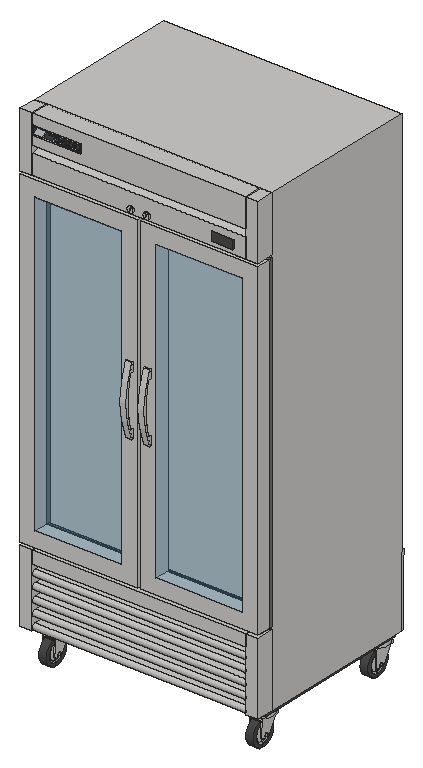
Revit family "QF_TRUE_T-35G-HC~FGD01", category Specialty Equipment, Revit 2015 (continued)
Definition of nested family "CASTER-LEGS"
  Definition of nested family "2.13"
    Forms (in)
      Revolve 1, solid, visible <- "2.5 Inches Caster"
        sketch origin (-1.93794, 0.83816, -1.0041) x (1, 0, 0) y (0, 0, 1)
          loop
            line (0.74055, 1.76972) -> (0.74055, 1.69422) -> (0.79055, 1.64422) -> (0.85055, 1.64422) -> (0.85055, 1.52415) -> (1.235, 1.52415) -> (1.235, 1.4568) -> (1.38673, 1.3692) -> (1.4003, 1.28535) -> (1.34375, 1.28535) -> (1.34375, 1.16035) -> (1.375, 1.16035) -> (1.375, 1.0041) -> (1.87544, 1.0041) -> (1.87544, 1.52415) -> (2.00044, 1.52415) -> (2.00044, 1.0041) -> (2.48438, 1.0041) -> (2.48438, 1.16035) -> (2.51563, 1.16035) -> (2.51563, 1.28535) -> (2.45908, 1.28535) -> (2.47322, 1.37272) -> (2.62438, 1.45999) -> (2.62438, 1.52415) -> (3.04007, 1.52415) -> (3.04007, 1.64422) -> (3.10007, 1.64422) -> (3.15007, 1.69422) -> (3.15007, 1.76972) -> (0.74055, 1.76972)
          axis (0.74055, 1.76972) -> (3.15007, 1.76972)
        angle from 0 to 360
      Extrusion 2, solid, visible <- "2.5 Inches Caster"
        sketch origin (-1.93794, 1.80294, -3.6291) x (0, 1, 0) y (0, 0, 1)
          loop
            line (-0.64294, 5.43229) -> (-0.64294, 5.55298) -> (-2.21294, 5.55298) -> (-2.21294, 5.30272) -> (-1.81966, 5.30272)
            arc (-1.81966, 5.30272) -> (-1.13638, 5.20789) -> (-0.46376, 5.05475) r 8.02767
            arc (-0.46376, 5.05475) -> (-0.19511, 4.95469) -> (0.05138, 4.80832) r 1.60049
            line (0.05138, 4.80832) -> (0.12713, 4.91318)
            arc (0.12713, 4.91318) -> (-0.07255, 5.06376) -> (-0.29048, 5.18644) r 1.8753
            line (-0.29048, 5.18644) -> (-0.22239, 5.30423)
            arc (-0.22239, 5.30423) -> (-0.42776, 5.38437) -> (-0.64294, 5.43229) r 1.44292
        from 1.17357 to 2.70231
      Revolve 3, solid, visible <- "2.5 Inches Caster"
        sketch origin (0, 2.10856, -4.125) x (0, 1, 0) y (0, 0, 1)
          loop
            line (-1.73858, 6.25) -> (-1.73858, 6.04889) -> (-1.05793, 6.04889) -> (-1.05793, 6.25) -> (-1.73858, 6.25)
          axis (-1.73858, 6.04889) -> (-1.73858, 6.25)
        angle from 0 to 360
      Extrusion 4, solid, visible <- "2.5 Inches Caster"
        sketch origin (-1.98481, 1.80294, -2.1291) x (0, 1, 0) y (0, 0, 1)
          loop
            line (-2.21294, 4.05298) -> (-2.21294, 3.80272) -> (-2.13999, 3.80272)
            arc (-2.13999, 3.80272) -> (-1.62379, 3.51899) -> (-1.39241, 2.97729) r 0.90292
            arc (-1.39241, 2.97729) -> (-1.36136, 2.78161) -> (-1.29729, 2.59413) r 1.15385
            arc (-1.29729, 2.59413) -> (-0.94802, 2.37355) -> (-0.6121, 2.61396) r 0.37001
            arc (-0.6121, 2.61396) -> (-0.59625, 2.66241) -> (-0.58446, 2.712) r 0.61695
            arc (-0.58446, 2.712) -> (-0.36134, 3.11665) -> (0.05609, 3.31484) r 0.75313
            line (0.05609, 3.31484) -> (0.12713, 3.41318)
            arc (0.12713, 3.41318) -> (-0.07255, 3.56376) -> (-0.29048, 3.68644) r 1.8753
            line (-0.29048, 3.68644) -> (-0.22239, 3.80423)
            arc (-0.22239, 3.80423) -> (-0.42776, 3.88437) -> (-0.64294, 3.93229) r 1.44292
            line (-0.64294, 3.93229) -> (-0.64294, 4.05298) -> (-2.21294, 4.05298)
        from 2.74918 to 2.90825
      Extrusion 5, solid, visible <- "2.5 Inches Caster"
        sketch origin (1.98481, 1.80294, -2.1291) x (0, 1, 0) y (0, 0, -1)
          loop
            line (-2.21294, -4.05298) -> (-0.64294, -4.05298) -> (-0.64294, -3.93229)
            arc (-0.64294, -3.93229) -> (-0.42776, -3.88437) -> (-0.22239, -3.80423) r 1.44292
            line (-0.22239, -3.80423) -> (-0.29048, -3.68644)
            arc (-0.29048, -3.68644) -> (-0.07255, -3.56376) -> (0.12713, -3.41318) r 1.8753
            line (0.12713, -3.41318) -> (0.05609, -3.31484)
            arc (0.05609, -3.31484) -> (-0.36134, -3.11665) -> (-0.58446, -2.712) r 0.75313
            arc (-0.58446, -2.712) -> (-0.59625, -2.66241) -> (-0.6121, -2.61396) r 0.61695
            arc (-0.6121, -2.61396) -> (-0.94802, -2.37355) -> (-1.29729, -2.59413) r 0.37001
            arc (-1.29729, -2.59413) -> (-1.36136, -2.78161) -> (-1.39241, -2.97729) r 1.15385
            arc (-1.39241, -2.97729) -> (-1.62379, -3.51899) -> (-2.13999, -3.80272) r 0.90292
            line (-2.13999, -3.80272) -> (-2.21294, -3.80272) -> (-2.21294, -4.05298)
        from 2.74918 to 2.90825
    Lines and regions (in)
      symbolic lines, visible <- "2.5 Inches Caster"
        curve 1: line (0.10651, 1.27186, 0) -> (0.80944, 0.86603, 0)
        curve 2: line (-0.89349, -0.46019, 0) -> (0.10651, 1.27186, 0)
        curve 3: line (-0.19056, -0.86603, 0) -> (-0.89349, -0.46019, 0)
        curve 4: line (0.80944, 0.86603, 0) -> (-0.19056, -0.86603, 0)
    Dimensions and locks (in)
      plane 4 "TOP" to level = 2 1/8"  (x2)
      aligned and locked: level to plane 1
  Definition of nested family "C4"
    Parameters
      Weight = ""
      URL Manufacturer = ""
      URL Cutsheet = ""
      URL = ""
      Type Mark [instance] = ""
      Specification by User [instance] = ""
      Specification by Manufacturer = ""
      Show 4 Inches Casters [instance] = yes
      Serial Number = ""
      Seismic Rating = ""
      SMACNA No = ""
      Revision Code [instance] = ""
      Omniclass Number and Title = ""
      NAFEM Spec ID Number = ""
      Model = ""
      MasterSpec. = ""
      Manufacturer = ""
      Item Number [instance] = ""
      Installed By [instance] = ""
      Identify Quantity as Lot [instance] = yes
      Furnished By [instance] = ""
      Foodservice Equipment Identifier [instance] = yes
      Description = ""
      CSI MasterFormat = ""
      CSI Master Format = ""
      Assembly Code = ""
    Reference planes (in)
      plane 1: z = 0
      plane 2 "RIGHT": x = 0
      plane 3 "FRONT": y = 0
      plane 4 "TOP": z = 4
    Forms (in)
      Revolve 1, solid, visible <- "Show 4 Inches Casters"
        sketch origin (-1.93794, 0.83816, -1.0041) x (1, 0, 0) y (0, 0, 1)
          loop
            line (0.74055, 2.5041) -> (3.15007, 2.5041) -> (3.15007, 2.5796) -> (3.10007, 2.6296) -> (3.04007, 2.6296) -> (3.04007, 2.74967) -> (2.62438, 2.74967) -> (2.62438, 2.93884) -> (2.48438, 3.01967) -> (2.45908, 3.17597) -> (2.51563, 3.17597) -> (2.51563, 3.41035) -> (2.48438, 3.41035) -> (2.48438, 4.0041) -> (1.375, 4.0041) -> (1.375, 3.41035) -> (1.34375, 3.41035) -> (1.34375, 3.17597) -> (1.4003, 3.17597) -> (1.37557, 3.02318) -> (1.235, 2.94202) -> (1.235, 2.74967) -> (0.85055, 2.74967) -> (0.85055, 2.6296) -> (0.79055, 2.6296) -> (0.74055, 2.5796) -> (0.74055, 2.5041)
          axis (0.74055, 2.5041) -> (3.15007, 2.5041)
        angle from 0 to 360
      Extrusion 2, solid, visible <- "Show 4 Inches Casters"
        sketch origin (-1.93794, 1.80294, -1.7541) x (0, 1, 0) y (0, 0, 1)
          loop
            line (-3.08794, 5.33423) -> (-3.08794, 5.00584) -> (-2.69466, 5.00584)
            arc (-2.69466, 5.00584) -> (-1.57175, 4.94895) -> (-0.46376, 4.75787) r 9.36411
            arc (-0.46376, 4.75787) -> (-0.05889, 4.58436) -> (0.28335, 4.30705) r 1.60049
            line (0.28335, 4.30705) -> (0.34449, 4.39437)
            arc (0.34449, 4.39437) -> (0.12713, 4.6163) -> (-0.1239, 4.79931) r 1.8753
            line (-0.1239, 4.79931) -> (-0.05749, 4.91421)
            arc (-0.05749, 4.91421) -> (-0.33807, 5.05694) -> (-0.64294, 5.13542) r 1.44292
            line (-0.64294, 5.13542) -> (-0.64294, 5.33423) -> (-3.08794, 5.33423)
        from 1.1267 to 2.74918
      Revolve 3, solid, visible <- "Show 4 Inches Casters"
        sketch origin (0, 2.15543, -2.25) x (0, 1, 0) y (0, 0, 1)
          loop
            line (-2.21793, 6.25) -> (-2.21793, 5.83014) -> (-1.05793, 5.83014) -> (-1.05793, 6.25) -> (-2.21793, 6.25)
          axis (-2.21793, 5.83014) -> (-2.21793, 6.25)
        angle from 0 to 360
      Extrusion 4, solid, visible <- "Show 4 Inches Casters"
        sketch origin (-1.93794, 1.80294, -1.7541) x (0, 1, 0) y (0, 0, 1)
          loop
            line (-3.08794, 5.33423) -> (-3.08794, 5.00584) -> (-2.8913, 5.00584)
            arc (-2.8913, 5.00584) -> (-2.09118, 4.14057) -> (-1.45681, 3.14736) r 6.63355
            arc (-1.45681, 3.14736) -> (-0.85703, 2.75969) -> (-0.4561, 3.35069) r 0.5107
            arc (-0.4561, 3.35069) -> (-0.27092, 3.92503) -> (0.24034, 4.24562) r 0.88136
            line (0.24034, 4.24562) -> (0.34449, 4.39437)
            arc (0.34449, 4.39437) -> (0.12713, 4.6163) -> (-0.1239, 4.79931) r 1.8753
            line (-0.1239, 4.79931) -> (-0.05749, 4.91421)
            arc (-0.05749, 4.91421) -> (-0.33807, 5.05694) -> (-0.64294, 5.13542) r 1.44292
            line (-0.64294, 5.13542) -> (-0.64294, 5.33423) -> (-3.08794, 5.33423)
        from 2.74918 to 2.90825
      Extrusion 5, solid, visible <- "Show 4 Inches Casters"
        sketch origin (1.93794, 1.80294, -1.7541) x (0, 1, 0) y (0, 0, -1)
          loop
            line (-3.08794, -5.33423) -> (-0.64294, -5.33423) -> (-0.64294, -5.13542)
            arc (-0.64294, -5.13542) -> (-0.33807, -5.05694) -> (-0.05749, -4.91421) r 1.44292
            line (-0.05749, -4.91421) -> (-0.1239, -4.79931)
            arc (-0.1239, -4.79931) -> (0.12713, -4.6163) -> (0.34449, -4.39437) r 1.8753
            line (0.34449, -4.39437) -> (0.24034, -4.24562)
            arc (0.24034, -4.24562) -> (-0.27092, -3.92503) -> (-0.4561, -3.35069) r 0.88136
            arc (-0.4561, -3.35069) -> (-0.85703, -2.75969) -> (-1.45681, -3.14736) r 0.5107
            arc (-1.45681, -3.14736) -> (-2.09118, -4.14057) -> (-2.8913, -5.00584) r 6.63355
            line (-2.8913, -5.00584) -> (-3.08794, -5.00584) -> (-3.08794, -5.33423)
        from 2.74918 to 2.90825
    Cuts and joins
      joined: Extrusion 2, Extrusion 4, Extrusion 5
    Lines and regions (in)
      symbolic lines, visible <- "Show 4 Inches Casters"
        curve 1: line (0.28481, 1.83041, 0) -> (1.24556, 1.27572, 0)
        curve 2: line (-1.26206, -0.84886, 0) -> (0.28481, 1.83041, 0)
        curve 3: line (-0.30132, -1.40355, 0) -> (-1.26206, -0.84886, 0)
        curve 4: line (1.24556, 1.27572, 0) -> (-0.30132, -1.40355, 0)
    Dimensions and locks (in)
      plane 4 "TOP" to level = 4"  (x2)
      aligned and locked: level to plane 1
  Definition of nested family "6 Inches Leg & Caster"
    Parameters
      Weight = ""
      URL Manufacturer = ""
      URL Cutsheet = ""
      URL = ""
      Type Mark [instance] = ""
      Status [instance] = ""
      Specification by User [instance] = ""
      Specification by Manufacturer = ""
      Show Casters [instance] = yes
      Serial Number = ""
      Seismic Rating = ""
      SMACNA No = ""
      Revision Code [instance] = ""
      Omniclass Number and Title = ""
      NAFEM Spec ID Number = ""
      Model = ""
      MasterSpec. = ""
      Manufacturer = ""
      Item Number [instance] = ""
      Installed By [instance] = ""
      Identify Quantity as Lot [instance] = yes
      Furnished By [instance] = ""
      Foodservice Equipment Identifier [instance] = yes
      Description = ""
      CSI MasterFormat = ""
      CSI Master Format = ""
    Reference planes (in)
      plane 1 "BACK": y = 0
      plane 2: z = 0
      plane 3 "LEFT": x = 0
      plane 4 "RIGHT": x = 0
      plane 5 "FRONT": y = 0
      plane 6 "TOP": z = 6.25
    Forms (in)
      Revolve 1, solid, visible <- "Show Casters"
        sketch origin (-2.21793, 0, -0.25) x (-1, 0, 0) y (0, 0, 1)
          loop
            line (-2.21793, 6) -> (-2.21793, 5.55584) -> (-0.93693, 5.55584) -> (-0.93693, 6) -> (-2.21793, 6)
          axis (-2.21793, 5.55584) -> (-2.21793, 6)
        angle from 0 to 360
      Extrusion 2, solid, visible <- "Show Casters"
        sketch origin (0.25594, 2.21793, -0.1875) x (0, 1, 0) y (0, 0, 1)
          loop
            line (-3.37793, 5.49334) -> (-3.37793, 5.24334) -> (-1.63015, 2.08504)
            arc (-1.63015, 2.08504) -> (-0.63555, 1.74359) -> (-0.1951, 2.69848) r 0.78437
            line (-0.1951, 2.69848) -> (-1.06726, 5.49334) -> (-3.37793, 5.49334)
        from 0.78968 to 0.90247
      Extrusion 3, solid, visible <- "Show Casters"
        sketch origin (0, 0, 5.75) x (0, 1, 0) y (-1, 0, 0)
          loop
            circle (0, 0) r 0.75
        from 0 to 0.5
      Extrusion 4, solid, visible <- "Show Casters"
        sketch origin (-0.25594, 2.21793, -0.1875) x (0, 1, 0) y (0, 0, -1)
          loop
            line (-3.37793, -5.49334) -> (-1.06726, -5.49334) -> (-0.1951, -2.69848)
            arc (-0.1951, -2.69848) -> (-0.63555, -1.74359) -> (-1.63015, -2.08504) r 0.78437
            line (-1.63015, -2.08504) -> (-3.37793, -5.24334) -> (-3.37793, -5.49334)
        from 0.78968 to 0.90247
      Extrusion 5, solid, visible <- "Show Casters"
        sketch origin (0, 0, 0.75) x (0, 1, 0) y (0, 0, 1)
          loop
            line (-1.16, 4.55584) -> (-1.16, 4.30584) -> (1.15067, 4.30584) -> (1.15067, 4.55584) -> (-1.16, 4.55584)
        from -1.04562 to 1.04562
      Revolve 6, solid, visible <- "Show Casters"
        sketch origin (-1.9375, 1.23015, -0.12802) x (1, 0, 0) y (0, 0, 1)
          loop
            line (0.5843, 2.5041) -> (0.5843, 2.3661) -> (0.6343, 2.3161) -> (0.6943, 2.3161) -> (0.6943, 2.1804) -> (1.1725, 2.1804) -> (1.1725, 1.78493) -> (1.31307, 1.70377) -> (1.42647, 1.00302) -> (1.28125, 1.00302) -> (1.28125, 0.75302) -> (1.3125, 0.75302) -> (1.3125, 0.50302)
            arc (1.3125, 0.50302) -> (1.42233, 0.23785) -> (1.6875, 0.12802) r 0.375
            line (1.6875, 0.12802) -> (2.1875, 0.12802)
            arc (2.1875, 0.12802) -> (2.45267, 0.23785) -> (2.5625, 0.50302) r 0.375
            line (2.5625, 0.50302) -> (2.5625, 0.75302) -> (2.59375, 0.75302) -> (2.59375, 1.00302) -> (2.44853, 1.00302) -> (2.5625, 1.70728) -> (2.7025, 1.78811) -> (2.7025, 2.1804) -> (3.1807, 2.1804) -> (3.1807, 2.3161) -> (3.2407, 2.3161) -> (3.2907, 2.3661) -> (3.2907, 2.5041) -> (0.5843, 2.5041)
          axis (0.5843, 2.5041) -> (3.2907, 2.5041)
        angle from 0 to 360
    Cuts and joins
      joined: Extrusion 2, Extrusion 4, Extrusion 5
    Lines and regions (in)
      symbolic lines, visible <- "Show Casters"
        curve 1: line (0.46086, 2.04455, 0) -> (1.54339, 1.41955, 0)
        curve 2: line (-1.53914, -1.41955, 0) -> (0.46086, 2.04455, 0)
        curve 3: line (-0.45661, -2.04455, 0) -> (-1.53914, -1.41955, 0)
        curve 4: line (1.54339, 1.41955, 0) -> (-0.45661, -2.04455, 0)
    Dimensions and locks (in)
      plane 6 "TOP" to level = 6 1/4"  (x2)
      aligned and locked: level to plane 2
  Definition of nested family "C2.5"
    Parameters
      Weight = ""
      URL Manufacturer = ""
      URL Cutsheet = ""
      URL = ""
      Type Mark [instance] = ""
      Status [instance] = ""
      Specification by User [instance] = ""
      Specification by Manufacturer = ""
      Serial Number = ""
      Seismic Rating = ""
      SMACNA No = ""
      Revision Code [instance] = ""
      Omniclass Number and Title = ""
      NAFEM Spec ID Number = ""
      Model = ""
      MasterSpec. = ""
      Manufacturer = ""
      Item Number [instance] = ""
      Installed By [instance] = ""
      Identify Quantity as Lot [instance] = yes
      Furnished By [instance] = ""
      Foodservice Equipment Identifier [instance] = yes
      Description = ""
      CSI MasterFormat = ""
      CSI Master Format = ""
      Assembly Code = ""
      2.5 Inches Caster [instance] = yes
    Reference planes (in)
      plane 1: z = 0
      plane 2 "RIGHT": x = 0
      plane 3 "FRONT": y = 0
      plane 4 "TOP": z = 2.5
    Forms (in)
      Revolve 1, solid, visible <- "2.5 Inches Caster"
        sketch origin (-1.93794, 0.83816, -1.0041) x (1, 0, 0) y (0, 0, 1)
          loop
            line (0.74055, 1.92597) -> (0.74055, 1.85047) -> (0.79055, 1.80047) -> (0.85055, 1.80047) -> (0.85055, 1.6804) -> (1.235, 1.6804) -> (1.235, 1.61305) -> (1.38673, 1.52545) -> (1.4003, 1.4416) -> (1.34375, 1.4416) -> (1.34375, 1.3166) -> (1.375, 1.3166) -> (1.375, 1.0041) -> (2.48438, 1.0041) -> (2.48438, 1.3166) -> (2.51563, 1.3166) -> (2.51563, 1.4416) -> (2.45908, 1.4416) -> (2.47322, 1.52897) -> (2.62438, 1.61624) -> (2.62438, 1.6804) -> (3.04007, 1.6804) -> (3.04007, 1.80047) -> (3.10007, 1.80047) -> (3.15007, 1.85047) -> (3.15007, 1.92597) -> (0.74055, 1.92597)
          axis (0.74055, 1.92597) -> (3.15007, 1.92597)
        angle from 0 to 360
      Extrusion 2, solid, visible <- "2.5 Inches Caster"
        sketch origin (-1.93794, 1.80294, -3.2541) x (0, 1, 0) y (0, 0, 1)
          loop
            line (-0.64294, 5.43229) -> (-0.64294, 5.55298) -> (-2.21294, 5.55298) -> (-2.21294, 5.30272) -> (-1.81966, 5.30272)
            arc (-1.81966, 5.30272) -> (-1.13638, 5.20789) -> (-0.46376, 5.05475) r 8.02767
            arc (-0.46376, 5.05475) -> (-0.19511, 4.95469) -> (0.05138, 4.80832) r 1.60049
            line (0.05138, 4.80832) -> (0.12713, 4.91318)
            arc (0.12713, 4.91318) -> (-0.07255, 5.06376) -> (-0.29048, 5.18644) r 1.8753
            line (-0.29048, 5.18644) -> (-0.22239, 5.30423)
            arc (-0.22239, 5.30423) -> (-0.42776, 5.38437) -> (-0.64294, 5.43229) r 1.44292
        from 1.17357 to 2.70231
      Revolve 3, solid, visible <- "2.5 Inches Caster"
        sketch origin (0, 2.10856, -3.75) x (0, 1, 0) y (0, 0, 1)
          loop
            line (-1.73858, 6.25) -> (-1.73858, 6.04889) -> (-1.05793, 6.04889) -> (-1.05793, 6.25) -> (-1.73858, 6.25)
          axis (-1.73858, 6.04889) -> (-1.73858, 6.25)
        angle from 0 to 360
      Extrusion 4, solid, visible <- "2.5 Inches Caster"
        sketch origin (-1.98481, 1.80294, -1.7541) x (0, 1, 0) y (0, 0, 1)
          loop
            line (-2.21294, 4.05298) -> (-2.21294, 3.80272) -> (-2.13999, 3.80272)
            arc (-2.13999, 3.80272) -> (-1.62379, 3.51899) -> (-1.39241, 2.97729) r 0.90292
            arc (-1.39241, 2.97729) -> (-1.36136, 2.78161) -> (-1.29729, 2.59413) r 1.15385
            arc (-1.29729, 2.59413) -> (-0.94802, 2.37355) -> (-0.6121, 2.61396) r 0.37001
            arc (-0.6121, 2.61396) -> (-0.59625, 2.66241) -> (-0.58446, 2.712) r 0.61695
            arc (-0.58446, 2.712) -> (-0.36134, 3.11665) -> (0.05609, 3.31484) r 0.75313
            line (0.05609, 3.31484) -> (0.12713, 3.41318)
            arc (0.12713, 3.41318) -> (-0.07255, 3.56376) -> (-0.29048, 3.68644) r 1.8753
            line (-0.29048, 3.68644) -> (-0.22239, 3.80423)
            arc (-0.22239, 3.80423) -> (-0.42776, 3.88437) -> (-0.64294, 3.93229) r 1.44292
            line (-0.64294, 3.93229) -> (-0.64294, 4.05298) -> (-2.21294, 4.05298)
        from 2.74918 to 2.90825
      Extrusion 5, solid, visible <- "2.5 Inches Caster"
        sketch origin (1.98481, 1.80294, -1.7541) x (0, 1, 0) y (0, 0, -1)
          loop
            line (-2.21294, -4.05298) -> (-0.64294, -4.05298) -> (-0.64294, -3.93229)
            arc (-0.64294, -3.93229) -> (-0.42776, -3.88437) -> (-0.22239, -3.80423) r 1.44292
            line (-0.22239, -3.80423) -> (-0.29048, -3.68644)
            arc (-0.29048, -3.68644) -> (-0.07255, -3.56376) -> (0.12713, -3.41318) r 1.8753
            line (0.12713, -3.41318) -> (0.05609, -3.31484)
            arc (0.05609, -3.31484) -> (-0.36134, -3.11665) -> (-0.58446, -2.712) r 0.75313
            arc (-0.58446, -2.712) -> (-0.59625, -2.66241) -> (-0.6121, -2.61396) r 0.61695
            arc (-0.6121, -2.61396) -> (-0.94802, -2.37355) -> (-1.29729, -2.59413) r 0.37001
            arc (-1.29729, -2.59413) -> (-1.36136, -2.78161) -> (-1.39241, -2.97729) r 1.15385
            arc (-1.39241, -2.97729) -> (-1.62379, -3.51899) -> (-2.13999, -3.80272) r 0.90292
            line (-2.13999, -3.80272) -> (-2.21294, -3.80272) -> (-2.21294, -4.05298)
        from 2.74918 to 2.90825
    Lines and regions (in)
      symbolic lines, visible <- "2.5 Inches Caster"
        curve 1: line (0.10651, 1.96132, 0) -> (0.80944, 1.55548, 0)
        curve 2: line (-0.89349, 0.22927, 0) -> (0.10651, 1.96132, 0)
        curve 3: line (-0.19056, -0.17657, 0) -> (-0.89349, 0.22927, 0)
        curve 4: line (0.80944, 1.55548, 0) -> (-0.19056, -0.17657, 0)
    Dimensions and locks (in)
      plane 4 "TOP" to level = 2 1/2"  (x2)
      aligned and locked: level to plane 1
